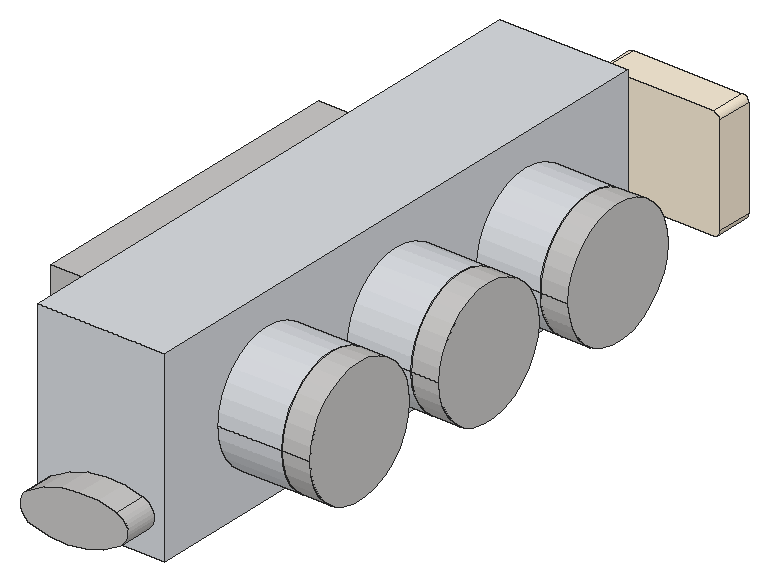
Revit family "HVAC_Ductwork_Airzone_Motorized-Plenum_Hitachi_Standard_3-Dampers", category Mechanical Equipment, Revit 2016
Family settings
  Part Type = Normal
  Round Connector Dimension = Use Diameter
  OmniClass Number = 23.75.70.14
  OmniClass Title = Air Ductwork
  Work Plane-Based = No
  Always vertical = Yes
  Cut with Voids When Loaded = No
  Shared = No
  Room Calculation Point = No
Parameters (values of type "HITST02S3")
  Voltage = 230 V
  URL = "www.airzone.es"
  Type Image Comments = "Image available in product documentation download"  # constant formula
  Revit Model Version = "1.0"  # constant formula
  Revit Model Author URL = "www.a3d.es"
  Revit Model Author = "A3D Consulting"  # constant formula
  Product Documentation Download URL = "http://doc.airzone.es/BIM/Easyzone/Hitachi-Airzone_motorized_plenum.zip"
  Product Comments = "Refer to technical documentation for further details"  # constant formula
  Power Factor = 1
  Neck Width = 537.600 mm
  Neck Length = 95.000 mm
  Neck Height = 179.600 mm
  Material = Metal - AIRZONE - Galvanized Sheet - Semi-polished
  Main Control Board Material = Plastic - AIRZONE - Smooth - Off-white
  Load Classification = Other
  Insulated Body Width = 205.000 mm  # constant formula
  Insulated Body Material = Metal -AIRZONE - Insulating Lining -Aluminum Finish
  Insulated Body Length = 930.000 mm  # constant formula
  Insulated Body Height = 300.000 mm  # constant formula
  Flow [instance] = Damper 3 Air Flow + Damper 2 Air Flow + Damper 1 Air Flow - Fresh Air Inlet 2 Flow - Fresh Air Inlet 1 Flow  # 900 m³/h
  Fresh Air Inlet 1 Flow [instance] = 0 m³/h
  Fresh Air Inlet 2 Flow [instance] = 0 m³/h
  Fresh Air Inlet Connection Width = 175.000 mm
  Fresh Air Inlet Connection Height = 75.000 mm
  Model = "HITST02S3"
  Neck Side Offset = 246.200 mm
  Neck Bottom Offset = 78.200 mm
  Type Image = <None>
  Manufacturer = "AIRZONE"  # constant formula
  Main Control Board Depth = 57.000 mm  # constant formula
  Main Control Board Width = 195.000 mm  # constant formula
  Main Control Board Height = 180.000 mm  # constant formula
  Fixing = ""
  Disclaimer = "All information provided in this model is reviewed before being published. However, Airzone cannot guarantee this model is error-free, therefore users are strongly encouraged to check for technical documentation and updates"  # constant formula
  Description = "Airzone standard motorized plenum with neck that mechanically adapts to the main ducted AC units of Hitachi."
  Type Comments = ""
  Dampers Length = 149.000 mm  # constant formula
  Dampers Diameter = 200.000 mm  # constant formula
  Damper 1 Air Flow [instance] = 300 m³/h
  Damper 2 Air Flow [instance] = 300 m³/h
  Damper 3 Air Flow [instance] = 300 m³/h
  Fresh Air Inlet Connection Offset Height = 48.305 mm  # constant formula
  Compatible Accesories = ""
  Apparent Load = 57.5 VA
Types (4, lengths in mm): name | Neck Width | Neck Height | Model | Neck Side Offset | Neck Bottom Offset
  HITST04S3 | 723.600 | 178.600 | "HITST04S3" | 103.200 | 88.200
  HITST03M3 | 808.000 | 222.400 | "HITST03M3" | 61.000 | 38.800
  HITST01S3 | 871.600 | 102.600 | "HITST01S3" | 29.200 | 163.200
  HITST02S3 | 537.600 | 179.600 | "HITST02S3" | 246.200 | 78.200
Reference planes
  plane 1 "Center (Front/Back)": y = 0
  plane 2 "Center (Elevation)": z = 0
  plane 3 "Center (Left/Right)": x = 0
  plane 4 "Neck Back": y = 268.8
  plane 5 "Neck Front": y = -268.8
  plane 6 "Neck Top": z = 89.8
  plane 7 "Neck Bottom": z = -89.8
  plane 8 "Left": x = 95
  plane 9 "Bottom": z = -168
  plane 10 "Top": z = 132
  plane 11 "Front": y = -415
  plane 12 "Back": y = 515
  plane 13 "Right": x = 300
  plane 14 "Dampers Front": x = 449
  plane 15 "Dampers Center (Elevation)": z = -18
  plane 16 "Damper3": y = -210
  plane 17 "Damper2": y = 50
  plane 18 "Damper1": y = 310
  plane 19 "Middle": y = 50
  plane 20 "FreshAir Center (Elevation)": z = -119.695
  plane 21 "FreshAir1": y = 567.5
  plane 22 "FreshAir2": y = -467.5
  plane 23 "Dampers Lining": x = 404
  plane 24 "FreshAir Vertical Axis": x = 195.83
  plane 25 "ConnectionBox Side": x = 254
  plane 26 "Main Control Board Center (Left/Right)": x = 351.5
Forms (mm)
  Extrusion 1, solid, material "Metal - AIRZONE - Galvanized Sheet - Semi-polished" <- "Material"
    sketch origin (0, 0, 0) x (0, 1, 0) y (0, 0, 1)
      loop
        line (-268.8, 89.8) -> (-268.8, -89.8) -> (268.8, -89.8) -> (268.8, 89.8) -> (-268.8, 89.8)
    from 0 to 95
  Extrusion 2, solid, material "Metal -AIRZONE - Insulating Lining -Aluminum Finish" <- "Insulated Body Material"
    sketch origin (95, 0, 0) x (0, 1, 0) y (0, 0, 1)
      loop
        line (-415, 132) -> (-415, -168) -> (515, -168) -> (515, 132) -> (-415, 132)
    from 0 to 205
  Extrusion 3, solid, material "Metal - AIRZONE - Galvanized Sheet - Semi-polished" <- "Material"
    sketch origin (300, 0, 0) x (0, 1, 0) y (0, 0, 1)
      loop
        circle (-210, -18) r 100
    from 104 to 149
  Extrusion 4, solid, material "Metal - AIRZONE - Galvanized Sheet - Semi-polished" <- "Material"
    sketch origin (300, 0, 0) x (0, 1, 0) y (0, 0, 1)
      loop
        circle (50, -18) r 100
    from 104 to 149
  Extrusion 5, solid, material "Metal - AIRZONE - Galvanized Sheet - Semi-polished" <- "Material"
    sketch origin (300, 0, 0) x (0, 1, 0) y (0, 0, 1)
      loop
        circle (310, -18) r 100
    from 104 to 149
  Extrusion 6, solid, material "Metal - AIRZONE - Galvanized Sheet - Semi-polished" <- "Material"
    sketch origin (0, -415, 0) x (0, 0, 1) y (1, 0, 0)
      loop
        arc (-87.141, 265.204) -> (-108.608, 282.105) -> (-133.312, 270.434) r 25.96
        arc (-133.312, 270.434) -> (-159.302, 200.598) -> (-151.849, 126.456) r 164.67
        arc (-151.849, 126.456) -> (-130.665, 109.589) -> (-105.994, 120.751) r 25.96
        arc (-105.994, 120.751) -> (-79.725, 190.78) -> (-87.141, 265.204) r 164.67
    from 0 to -52.5
  Extrusion 7, solid, material "Metal - AIRZONE - Galvanized Sheet - Semi-polished" <- "Material"
    sketch origin (0, 515, 0) x (0, 0, 1) y (1, 0, 0)
      loop
        arc (-87.141, 265.204) -> (-108.325, 282.071) -> (-132.996, 270.909) r 25.96
        arc (-132.996, 270.909) -> (-159.179, 201.53) -> (-152.267, 127.699) r 164.67
        arc (-152.267, 127.699) -> (-131.032, 109.637) -> (-105.678, 121.226) r 25.96
        arc (-105.678, 121.226) -> (-79.688, 191.062) -> (-87.141, 265.204) r 164.67
    from 0 to 52.5
  Extrusion 8, solid, material "Metal -AIRZONE - Insulating Lining -Aluminum Finish" <- "Insulated Body Material"
    sketch origin (300, 0, 0) x (0, 1, 0) y (0, 0, 1)
      loop
        circle (310, -18) r 100
    from 0 to 104
  Extrusion 9, solid, material "Metal -AIRZONE - Insulating Lining -Aluminum Finish" <- "Insulated Body Material"
    sketch origin (300, -260, 0) x (0, 1, 0) y (0, 0, 1)
      loop
        circle (310, -18) r 100
    from 0 to 104
  Extrusion 10, solid, material "Metal -AIRZONE - Insulating Lining -Aluminum Finish" <- "Insulated Body Material"
    sketch origin (300, -520, 0) x (0, 1, 0) y (0, 0, 1)
      loop
        circle (310, -18) r 100
    from 0 to 104
Lines and regions (mm)
  Masking region 1
    outline origin (0, 0, 0) x (1, 0, 0) y (0, 1, 0)
      loop
        line (95, 515) -> (95, -415) -> (300, -415) -> (300, 515) -> (95, 515)
  Masking region 2, detail levels medium+fine
    outline origin (0, 0, 0) x (1, 0, 0) y (0, 1, 0)
      loop
        line (0, 268.8) -> (0, -268.8) -> (95, -268.8) -> (95, 268.8) -> (0, 268.8)
  Masking region 3, detail levels medium+fine
    outline origin (0, 0, 0) x (1, 0, 0) y (0, 1, 0)
      loop
        line (300, -110) -> (300, -310) -> (449, -310) -> (449, -110) -> (300, -110)
  Masking region 4, detail levels medium+fine
    outline origin (0, 260, 0) x (1, 0, 0) y (0, 1, 0)
      loop
        line (300, -110) -> (300, -310) -> (449, -310) -> (449, -110) -> (300, -110)
  Masking region 5, detail levels medium+fine
    outline origin (0, 520, 0) x (1, 0, 0) y (0, 1, 0)
      loop
        line (300, -110) -> (300, -310) -> (449, -310) -> (449, -110) -> (300, -110)
  Masking region 6, detail levels medium+fine
    outline origin (0, 0, -119.695) x (1, 0, 0) y (0, 1, 0)
      loop
        line (108.33, 567.5) -> (108.33, 515) -> (283.33, 515) -> (283.33, 567.5) -> (108.33, 567.5)
  Masking region 7, detail levels medium+fine
    outline origin (0, 0, -119.695) x (1, 0, 0) y (0, 1, 0)
      loop
        line (108.33, -415) -> (108.33, -467.5) -> (283.33, -467.5) -> (283.33, -415) -> (108.33, -415)
  Masking region 8, detail levels medium+fine
    outline origin (0, 0, 132) x (0, -1, 0) y (1, 0, 0)
      loop
        line (-572, 254) -> (-515, 254) -> (-515, 449) -> (-572, 449) -> (-572, 254)
  symbolic lines, detail levels coarse
    curve 1: line (95, -415, 0) -> (300, 50, 0)
    curve 2: line (300, 50, 0) -> (95, 515, 0)
Dimensions and locks
  equal spacing: plane 4 "Neck Back", plane 1 "Center (Front/Back)", plane 5 "Neck Front"
  "Neck Width": plane 4 "Neck Back" to plane 5 "Neck Front"
  equal spacing: plane 6 "Neck Top", level, plane 7 "Neck Bottom"
  "Neck Height": plane 6 "Neck Top" to plane 7 "Neck Bottom"
  "Neck Length": plane 3 "Center (Left/Right)" to plane 8 "Left"
  "Neck Bottom Offset": plane 7 "Neck Bottom" to plane 9 "Bottom"
  "Insulated Body Height": plane 10 "Top" to plane 9 "Bottom"
  "Insulated Body Length": plane 12 "Back" to plane 11 "Front"
  "Insulated Body Width": plane 8 "Left" to plane 13 "Right"
  "Dampers Length": plane 13 "Right" to plane 14 "Dampers Front"
  equal spacing: plane 10 "Top", plane 15 "Dampers Center (Elevation)", plane 9 "Bottom"
  plane 18 "Damper1" to plane 17 "Damper2" to plane 16 "Damper3" = 260.000 mm locked, 260.000 mm locked
  equal spacing: plane 12 "Back", plane 19 "Middle", plane 11 "Front"
  plane 8 "Left" to plane 13 "Right" = 205.000 mm
  "Fresh Air Inlet Connection Offset Height": plane 20 "FreshAir Center (Elevation)" to plane 9 "Bottom"
  locked: Extrusion 6 sketch curve to plane 9 "Bottom" at 56.47
  locked: plane 13 "Right" to Extrusion 6 sketch curve at 43.69
  locked: plane 13 "Right" to Extrusion 6 sketch curve at 164.65
  locked: Extrusion 6 sketch curve to plane 9 "Bottom" at 40.54
  locked: plane 13 "Right" to Extrusion 6 sketch curve at 87.91
  locked: plane 9 "Bottom" to Extrusion 6 sketch curve at 75.01
  locked: plane 13 "Right" to Extrusion 6 sketch curve at 120.43
  locked: Extrusion 6 sketch curve to plane 9 "Bottom" at 172.02
  locked: plane 13 "Right" to Extrusion 7 sketch curve at 43.69
  locked: Extrusion 7 sketch curve to plane 9 "Bottom" at 56.47
  locked: Extrusion 7 sketch curve to plane 9 "Bottom" at 40.54
  locked: plane 13 "Right" to Extrusion 7 sketch curve at 164.65
  locked: plane 13 "Right" to Extrusion 7 sketch curve at 120.43
  locked: Extrusion 7 sketch curve to plane 9 "Bottom" at 172.02
  locked: plane 9 "Bottom" to Extrusion 7 sketch curve at 75.01
  locked: plane 13 "Right" to Extrusion 7 sketch curve at 87.91
  "Neck Side Offset": plane 12 "Back" to plane 4 "Neck Back"
  equal spacing: plane 12 "Back", plane 17 "Damper2", plane 11 "Front"
  locked: plane 21 "FreshAir1" to plane 12 "Back" at 52.5
  plane 11 "Front" to plane 22 "FreshAir2" = 52.500 mm
  locked: connector elem to plane 13 "Right" at 104.17
  locked: plane 20 "FreshAir Center (Elevation)" to connector elem
  locked: plane 13 "Right" to connector elem at 104.17
  locked: connector elem to plane 20 "FreshAir Center (Elevation)"
  locked: plane 23 "Dampers Lining" to plane 14 "Dampers Front" at 45
  locked: plane 24 "FreshAir Vertical Axis" to plane 13 "Right" at 104.17
  equal spacing: Masking region 3 sketch curve, plane 16 "Damper3", Masking region 3 sketch curve
  "Dampers Diameter": Masking region 3 sketch curve to Masking region 3 sketch curve
  equal spacing: Masking region 4 sketch curve, plane 17 "Damper2", Masking region 4 sketch curve
  "Dampers Diameter": Masking region 4 sketch curve to Masking region 4 sketch curve
  equal spacing: Masking region 5 sketch curve, plane 18 "Damper1", Masking region 5 sketch curve
  "Dampers Diameter": Masking region 5 sketch curve to Masking region 5 sketch curve
  equal spacing: Masking region 6 sketch curve, plane 24 "FreshAir Vertical Axis", Masking region 6 sketch curve
  "Fresh Air Inlet Connection Width": Masking region 6 sketch curve to Masking region 6 sketch curve
  equal spacing: Masking region 7 sketch curve, plane 24 "FreshAir Vertical Axis", Masking region 7 sketch curve
  "Fresh Air Inlet Connection Width": Masking region 7 sketch curve to Masking region 7 sketch curve
  "Main Control Board Depth": Masking region 8 sketch curve to plane 12 "Back"
  "Main Control Board Width": plane 25 "ConnectionBox Side" to plane 14 "Dampers Front"
  equal spacing: plane 25 "ConnectionBox Side", plane 26 "Main Control Board Center (Left/Right)", plane 14 "Dampers Front"
  locked: nested 1 to plane 10 "Top" at 10
  "Dampers Diameter": diameter of Extrusion 3 sketch curve
  "Dampers Diameter": diameter of Extrusion 4 sketch curve
  "Dampers Diameter": diameter of Extrusion 5 sketch curve
  radius of Extrusion 7 sketch curve = 164.670 mm  (x2)
  radius of Extrusion 7 sketch curve = 25.960 mm  (x2)
  radius of Extrusion 6 sketch curve = 164.670 mm  (x2)
  radius of Extrusion 6 sketch curve = 25.960 mm  (x2)
  "Dampers Diameter": diameter of Extrusion 8 sketch curve
  "Dampers Diameter": diameter of Extrusion 9 sketch curve
  "Dampers Diameter": diameter of Extrusion 10 sketch curve
  aligned and locked: level to plane 2 "Center (Elevation)"
  aligned and locked: plane 5 "Neck Front" to Extrusion 1 sketch curve
  aligned and locked: Extrusion 1 sketch curve to plane 6 "Neck Top"
  aligned and locked: Extrusion 1 sketch curve to plane 4 "Neck Back"
  aligned and locked: plane 7 "Neck Bottom" to Extrusion 1 sketch curve
  aligned and locked: Extrusion 1 to plane 3 "Center (Left/Right)"
  aligned and locked: Extrusion 2 sketch curve to plane 10 "Top"
  aligned and locked: Extrusion 2 sketch curve to plane 12 "Back"
  aligned and locked: plane 9 "Bottom" to Extrusion 2 sketch curve
  aligned and locked: plane 11 "Front" to Extrusion 2 sketch curve
  aligned and locked: plane 13 "Right" to Extrusion 2
  aligned and locked: Extrusion 2 to plane 8 "Left"
  aligned and locked: plane 16 "Damper3" to Extrusion 3 sketch curve
  aligned and locked: plane 15 "Dampers Center (Elevation)" to Extrusion 3 sketch curve
  aligned and locked: plane 17 "Damper2" to Extrusion 4 sketch curve
  aligned and locked: plane 15 "Dampers Center (Elevation)" to Extrusion 4 sketch curve
  aligned and locked: plane 18 "Damper1" to Extrusion 5 sketch curve
  aligned and locked: plane 15 "Dampers Center (Elevation)" to Extrusion 5 sketch curve
  aligned and locked: plane 14 "Dampers Front" to Extrusion 5
  aligned and locked: plane 14 "Dampers Front" to Extrusion 4
  aligned and locked: plane 14 "Dampers Front" to Extrusion 3
  aligned and locked: plane 8 "Left" to Extrusion 1
  aligned and locked: plane 22 "FreshAir2" to Extrusion 6
  aligned and locked: plane 21 "FreshAir1" to Extrusion 7
  aligned and locked: Extrusion 7 to plane 12 "Back"
  aligned and locked: plane 11 "Front" to Extrusion 6
  aligned and locked: Extrusion 5 to plane 23 "Dampers Lining"
  aligned and locked: Extrusion 5 to Extrusion 4
  aligned and locked: Extrusion 4 to Extrusion 3
  aligned and locked: plane 23 "Dampers Lining" to Extrusion 8
  aligned and locked: Extrusion 10 to plane 13 "Right"
  aligned and locked: plane 23 "Dampers Lining" to Extrusion 10
  aligned and locked: Extrusion 9 to plane 13 "Right"
  aligned and locked: plane 23 "Dampers Lining" to Extrusion 9
  aligned and locked: Extrusion 8 to plane 13 "Right"
  aligned and locked: Extrusion 9 to Extrusion 8
  aligned and locked: plane 18 "Damper1" to Extrusion 8 sketch curve
  aligned and locked: plane 15 "Dampers Center (Elevation)" to Extrusion 8 sketch curve
  aligned and locked: plane 17 "Damper2" to Extrusion 9 sketch curve
  aligned and locked: plane 15 "Dampers Center (Elevation)" to Extrusion 9 sketch curve
  aligned and locked: plane 16 "Damper3" to Extrusion 10 sketch curve
  aligned and locked: plane 15 "Dampers Center (Elevation)" to Extrusion 10 sketch curve
  aligned and locked: Masking region 1 sketch curve to plane 12 "Back"
  aligned and locked: plane 8 "Left" to Masking region 1 sketch curve
  aligned and locked: Masking region 1 sketch curve to plane 13 "Right"
  aligned and locked: plane 11 "Front" to Masking region 1 sketch curve
  aligned and locked: plane 5 "Neck Front" to Masking region 2 sketch curve
  aligned and locked: plane 3 "Center (Left/Right)" to Masking region 2 sketch curve
  aligned and locked: Masking region 2 sketch curve to plane 4 "Neck Back"
  aligned and locked: Masking region 2 sketch curve to plane 8 "Left"
  aligned and locked: plane 13 "Right" to Masking region 3 sketch curve
  aligned and locked: Masking region 3 sketch curve to plane 14 "Dampers Front"
  aligned and locked: plane 13 "Right" to Masking region 4 sketch curve
  aligned and locked: Masking region 4 sketch curve to plane 14 "Dampers Front"
  aligned and locked: plane 13 "Right" to Masking region 5 sketch curve
  aligned and locked: Masking region 5 sketch curve to plane 14 "Dampers Front"
  aligned and locked: plane 12 "Back" to Masking region 6 sketch curve
  aligned and locked: Masking region 6 sketch curve to plane 21 "FreshAir1"
  aligned and locked: Masking region 7 sketch curve to plane 11 "Front"
  aligned and locked: Masking region 7 sketch curve to plane 22 "FreshAir2"
  aligned and locked: plane 12 "Back" to Masking region 8 sketch curve
  aligned and locked: Masking region 8 sketch curve to plane 14 "Dampers Front"
  aligned and locked: plane 25 "ConnectionBox Side" to Masking region 8 sketch curve
  aligned and locked: nested 1 to plane 26 "Main Control Board Center (Left/Right)"
Automatic sketch dimensions
  curve 2 to plane 8 "Left" = 0.000 mm
  curve 1 to plane 8 "Left" = 0.000 mm
  curve 1 to plane 13 "Right" = 0.000 mm
  curve 1 to plane 11 "Front" = 0.000 mm
  curve 2 to plane 17 "Damper2" = 0.000 mm
  curve 2 to plane 12 "Back" = 0.000 mm
Nested families
  nested 1: "Airzone_Main-Control-Board" at (351.5, 515, 32) x (-1, 0, 0) z (0, 1, 0), Extrusion <- "Main Control Board Depth", Height <- "Main Control Board Height", Width <- "Main Control Board Width", Material <- "Main Control Board Material", type "Standard"
    with Width 195.000 mm, Material Plastic - AIRZONE - Smooth - Off-white, Height 180.000 mm, Extrusion 57.000 mm
Connectors
  hvac at (449, -210, -18), driven by "Damper 3 Air Flow", driven by "Dampers Diameter"
    settings: on Extrusion 3, index 1, duct flow 300 m³/h, flow factor 0, pres drop 0.0 Pa, loss coef 0, conn angle 0.00°, conn width 304.8 mm, conn height 304.8 mm, conn diameter 200 mm, duct sys type 1, conn prof type 0, flow config 0, flow direction 2, loss method 0, conn ref index -1, conn util no, is conn primary no, conn desc "Supply Air Out 3"
  hvac at (449, 50, -18), driven by "Damper 2 Air Flow", driven by "Dampers Diameter"
    settings: on Extrusion 4, index 2, duct flow 300 m³/h, flow factor 0, pres drop 0.0 Pa, loss coef 0, conn angle 0.00°, conn width 304.8 mm, conn height 304.8 mm, conn diameter 200 mm, duct sys type 1, conn prof type 0, flow config 0, flow direction 2, loss method 0, conn ref index -1, conn util no, is conn primary no, conn desc "Supply Air Out 2"
  hvac at (449, 310, -18), driven by "Damper 1 Air Flow", driven by "Dampers Diameter"
    settings: on Extrusion 5, index 3, duct flow 300 m³/h, flow factor 0, pres drop 0.0 Pa, loss coef 0, conn angle 0.00°, conn width 304.8 mm, conn height 304.8 mm, conn diameter 200 mm, duct sys type 1, conn prof type 0, flow config 0, flow direction 2, loss method 0, conn ref index -1, conn util no, is conn primary no, conn desc "Supply Air Out 1"
  hvac at (0, 0, 0), driven by "Flow", driven by "Neck Height", driven by "Neck Width"
    settings: on Extrusion 1, index 6, duct flow 900 m³/h, flow factor 0, pres drop 0.0 Pa, loss coef 0, conn angle 0.00°, conn width 537.6 mm, conn height 179.6 mm, conn diameter 609.6 mm, duct sys type 1, conn prof type 1, flow config 1, flow direction 1, loss method 0, conn ref index -1, conn util no, is conn primary yes, conn desc "Supply Air In"
  hvac at (195.83, -467.5, -119.695), driven by "Fresh Air Inlet 2 Flow", driven by "Fresh Air Inlet Connection Width", driven by "Fresh Air Inlet Connection Height"
    settings: index 7, duct flow 0 m³/h, flow factor 0, pres drop 0.0 Pa, loss coef 0, conn angle 0.00°, conn width 175 mm, conn height 75 mm, conn diameter 609.6 mm, duct sys type 1, conn prof type 2, flow config 1, flow direction 1, loss method 0, conn ref index -1, conn util no, is conn primary no, conn desc "Fresh Air In 2"
  hvac at (195.83, 567.5, -119.695), driven by "Fresh Air Inlet 1 Flow", driven by "Fresh Air Inlet Connection Height", driven by "Fresh Air Inlet Connection Width"
    settings: index 8, duct flow 0 m³/h, flow factor 0, pres drop 0.0 Pa, loss coef 0, conn angle 0.00°, conn width 175 mm, conn height 75 mm, conn diameter 609.6 mm, duct sys type 1, conn prof type 2, flow config 1, flow direction 1, loss method 0, conn ref index -1, conn util no, is conn primary no, conn desc "Fresh Air In 1"
  electrical at (351.5, 572, 32), driven by "Load Classification", driven by "Voltage", driven by "Apparent Load", driven by "Power Factor"
    settings: on nested 1, index 9, voltage 230 V, apparent load 57.5 VA, apparent load phase1 0 VA, apparent load phase2 0 VA, apparent load phase3 0 VA, power factor 1, load classification "Other", number of poles 1, system type 30, power factor state 1, is connector primary yes, connector utility no, sub classification motor no, connector description "Power Supply"
Definition of nested family "Airzone_Main-Control-Board"
  Parameters (values of type "Standard")
    Width [instance] = 195.000 mm
    URL = "www.airzone.es"
    Revit Model Version = "1.0"  # constant formula
    Revit Model Author URL = "www.a3d.es"
    Revit Model Author = "A3D Consulting"  # constant formula
    Material [instance] = none
    Manufacturer = "AIRZONE"  # constant formula
    Height [instance] = 180.000 mm
    Extrusion [instance] = 57.000 mm
    Default Elevation = 0.000 mm
  Reference planes
    plane 1 "Center (Front/Back)": y = 0
    plane 2: z = 0
    plane 3 "Center (Left/Right)": x = 0
    plane 4: y = 90
    plane 5: y = -90
    plane 6: x = 97.5
    plane 7: x = -97.5
  Forms (mm)
    Extrusion 1, solid, material <- "Material"
      sketch origin (0, 0, 0) x (1, 0, 0) y (0, 1, 0)
        loop
          arc (-87.5, 90) -> (-94.571, 87.071) -> (-97.5, 80) r 10
          line (-97.5, 80) -> (-97.5, -80)
          arc (-97.5, -80) -> (-94.571, -87.071) -> (-87.5, -90) r 10
          line (-87.5, -90) -> (87.5, -90)
          arc (87.5, -90) -> (94.571, -87.071) -> (97.5, -80) r 10
          line (97.5, -80) -> (97.5, 80)
          arc (97.5, 80) -> (94.571, 87.071) -> (87.5, 90) r 10
          line (87.5, 90) -> (-87.5, 90)
      from 0 to 57 <- "Extrusion"
  Dimensions and locks
    equal spacing: plane 7, plane 3 "Center (Left/Right)", plane 6
    equal spacing: plane 4, plane 1 "Center (Front/Back)", plane 5
    "Width": plane 7 to plane 6
    "Height": plane 4 to plane 5
    radius of Extrusion 1 sketch curve = 10.000 mm  (x4)
    aligned and locked: level to plane 2
    aligned and locked: plane 5 to Extrusion 1 sketch curve
    aligned and locked: Extrusion 1 sketch curve to plane 6
    aligned and locked: Extrusion 1 sketch curve to plane 4
    aligned and locked: plane 7 to Extrusion 1 sketch curve
